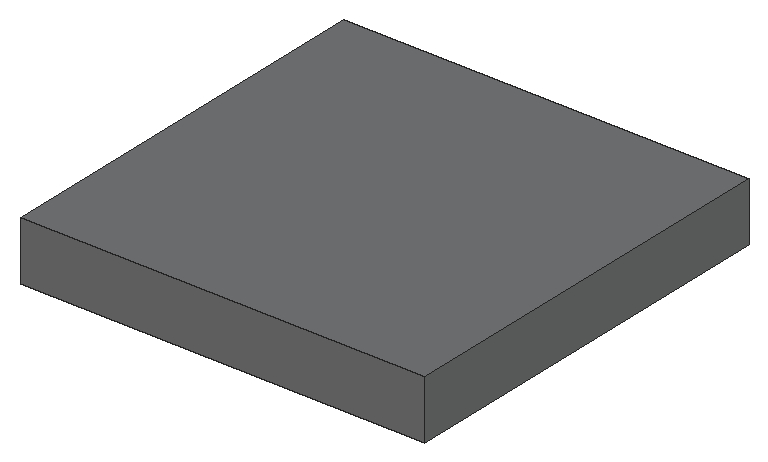
Revit family "Gira_536628", category Electrical Fixtures, host Face, Revit 2017
Family settings
  Host = Face
  Maintain Annotation Orientation = No
  Round Connector Dimension = Use Diameter
  Part Type = Normal
  Cut with Voids When Loaded = No
  Shared = No
  Room Calculation Point = No
Parameters (values of type "S3000 blind timer + timer Display System 55 anthra.")
  With LED indication = "Yes"
  URL = "http://katalog.gira.de/en/datenblatt.html?artikelnr=536628"
  Transparent = "No"
  Suitable for application with venetian shutter switch = "Yes"
  Suitable for application with switch = "No"
  Suitable for application with dimmer = "No"
  Number of actuation points = "4"
  Name = "S3000 blind timer + timer Display System 55 anthra."
  Manufacturer URL = "https://www.gira.de/"
  Manufacturer = "Gira"
  Keynote = ""
  HeinzeBIM = "https://bimportal.heinze.de/bim/s3000-blind-timer-timer-display-system-55-anthra-/cc39745d3f12fb344881bf53c671894b07ffd146"
  HAN = "536628"
  GTIN = "4010337027478"
  Description = "S3000 blind tim. tim.Displ. Sys55 AN,System 3000 blind timer and timer Display,,anthracite,Features:,- Operation via capacitive sensor surface.,- Fast programming for adopting the current time as the programmed movement time switching time.,- Automatic summer winter time switchover, deactivatable.,- Switching at sunrise or sunset (astro function) adjustable for 18 countries.,- Astro time for sunrise and sunset can be individually adjusted by +-2 hours.,- The blocking function blocks operation of the auxiliary unit and deactivates automatic mode.,- The display turns off after 2 minutes, permanent display of time is possible.,- Programming of one raising and one lowering time or two switch-on and switch-off times for each day in week segments Mon-Fri and Sat+Sun."
  Default Elevation = 1219.2 mm
  Data sheet (1) = "https://katalog.gira.de/en/download.html?artikelnr=536628"
  Category = "Intelligent control element"
  BIM (1) = "https://media.stage.bim.site/public/gira/36a6b08/Sys55_Abdeckung_Schalten und Tasten.rfa?public/gira/36a6b08/Sys55_Abdeckung_Schalten und Tasten.rfa"
  Available = "No"
  Application = "Control of electrical users"
  Anthrazit [instance] = Anthrazit
Reference planes
  plane 1 "Center (Front/Back)": y = 0
  plane 2: z = 0
  plane 3 "Center (Left/Right)": x = 0
Forms (mm)
  Extrusion 1, solid, material "Anthrazit" <- "Anthrazit", detail levels fine
    sketch origin (0, 0, 0) x (1, 0, 0) y (0, 1, 0)
      loop
        line (-27.5, 27.5) -> (-27.5, -27.5) -> (27.5, -27.5) -> (27.5, 27.5) -> (-27.5, 27.5)
    from 0 to 8
  Extrusion 2, void
    sketch origin (0, 0, 0) x (1, 0, 0) y (0, 1, 0)
      loop
        line (26, 26) -> (-26, 26) -> (-26, -26) -> (26, -26) -> (26, 26)
    from 0 to 6
  Extrusion 3, solid, material "Anthrazit" <- "Anthrazit", detail levels medium
    sketch origin (0, 0, 0) x (1, 0, 0) y (0, 1, 0)
      loop
        line (-27.5, 27.5) -> (-27.5, -27.5) -> (27.5, -27.5) -> (27.5, 27.5) -> (-27.5, 27.5)
    from 0 to 8
  Extrusion 4, solid, material "Anthrazit" <- "Anthrazit", detail levels medium
    sketch origin (0, 0, 0) x (1, 0, 0) y (0, 1, 0)
      loop
        line (11, -17.5) -> (11, 17.5) -> (-11, 17.5) -> (-11, -17.5) -> (11, -17.5)
    from -6 to 6
  Extrusion 5, solid, material "Anthrazit" <- "Anthrazit", detail levels fine
    sketch origin (0, 0, 0) x (1, 0, 0) y (0, 1, 0)
      loop
        line (11, 17.5) -> (-11, 17.5) -> (-11, 16.5) -> (11, 16.5) -> (11, 17.5)
      loop
        line (-11, -16.5) -> (-11, -17.5) -> (11, -17.5) -> (11, -16.5) -> (-11, -16.5)
    from -4 to 6
  Extrusion 6, solid, material "Anthrazit" <- "Anthrazit", detail levels fine
    sketch origin (0, 0, 0) x (1, 0, 0) y (0, 1, 0)
      loop
        arc (5, 9.347) -> (0, 10.6) -> (-5, 9.347) r 10.6
        line (-5, 9.347) -> (-5, -9.347)
        arc (-5, -9.347) -> (0, -10.6) -> (5, -9.347) r 10.6
        line (5, -9.347) -> (5, 9.347)
    from -6 to 6
  Extrusion 7, solid, material "Anthrazit" <- "Anthrazit", detail levels coarse
    sketch origin (0, 0, 0) x (1, 0, 0) y (0, 1, 0)
      loop
        line (-27.5, 27.5) -> (-27.5, -27.5) -> (27.5, -27.5) -> (27.5, 27.5) -> (-27.5, 27.5)
    from -6 to 8
Cuts and joins
  Extrusion 2 cuts Extrusion 1
Dimensions and locks
  aligned and locked: plane 2 to host face
  aligned and locked: level to host face
